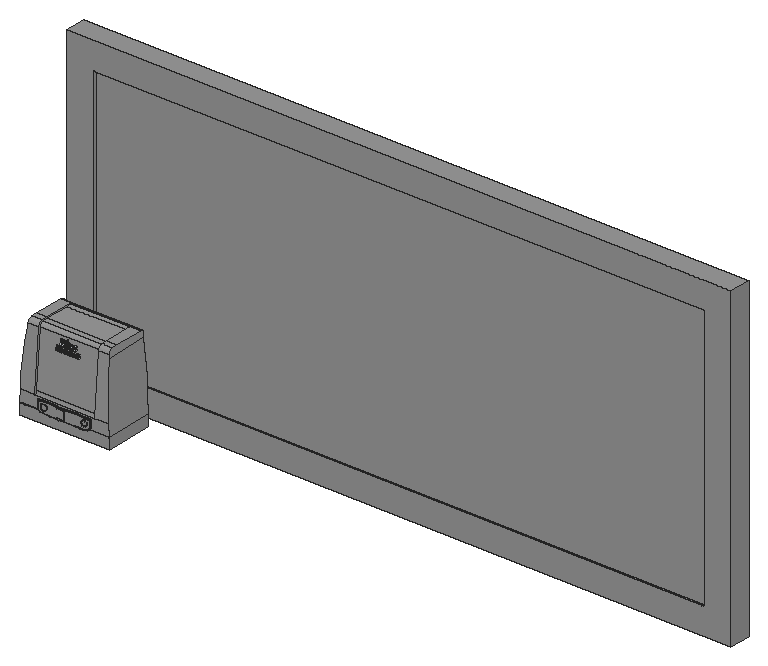
Revit family "Sliding_Gate_Automation_Residential_Ditec_Neos_plus_1000", category Electrical Fixtures, Revit 2014 (continued)
Definition of nested family "Ditec_Logo"
  Automatic sketch dimensions
    Extrusion 2 sketch curve to Extrusion 2 sketch curve = 0.459 mm
    Extrusion 2 sketch curve to Extrusion 2 sketch curve = 0.072 mm
    Extrusion 2 sketch curve to Extrusion 2 sketch curve = 0.666 mm
    Extrusion 2 sketch curve to Extrusion 2 sketch curve = 0.073 mm
    Extrusion 2 sketch curve to Extrusion 2 sketch curve = 0.519 mm
    Extrusion 2 sketch curve to Extrusion 2 sketch curve = 0.069 mm
    Extrusion 2 sketch curve to Extrusion 2 sketch curve = 0.015 mm
    Extrusion 2 sketch curve to Extrusion 2 sketch curve = 0.226 mm
    Extrusion 2 sketch curve to Extrusion 2 sketch curve = 0.973 mm
    Extrusion 2 sketch curve to Extrusion 2 sketch curve = 1.163 mm
    Extrusion 2 sketch curve to Extrusion 2 sketch curve = 0.777 mm
    Extrusion 2 sketch curve to Extrusion 2 sketch curve = 3.39 mm
    plane 1 "Center (Front/Back)" to Extrusion 2 sketch curve = 14.414 mm
    Extrusion 2 sketch curve to Extrusion 2 sketch curve = 1.485 mm
    Extrusion 2 sketch curve to Extrusion 2 sketch curve = 1.838 mm
    Extrusion 2 sketch curve to Extrusion 2 sketch curve = 1.7 mm
    Extrusion 2 sketch curve to Extrusion 2 sketch curve = 0.348 mm
    Extrusion 2 sketch curve to Extrusion 2 sketch curve = 0.881 mm
    Extrusion 2 sketch curve to Extrusion 2 sketch curve = 1.077 mm
    Extrusion 2 sketch curve to Extrusion 2 sketch curve = 1.118 mm
    Extrusion 2 sketch curve to Extrusion 2 sketch curve = 0.225 mm
    Extrusion 2 sketch curve to Extrusion 2 sketch curve = 1.188 mm  (x2)
    Extrusion 2 sketch curve to Extrusion 2 sketch curve = 1.674 mm
    Extrusion 2 sketch curve to Extrusion 2 sketch curve = 1.628 mm
    Extrusion 2 sketch curve to Extrusion 2 sketch curve = 0.675 mm
    Extrusion 2 sketch curve to Extrusion 2 sketch curve = 0.999 mm
    Extrusion 2 sketch curve to Extrusion 2 sketch curve = 1.012 mm
    Extrusion 2 sketch curve to Extrusion 2 sketch curve = 2.915 mm
    Extrusion 2 sketch curve to Extrusion 2 sketch curve = 3.536 mm
    Extrusion 2 sketch curve to Extrusion 2 sketch curve = 3.494 mm
    Extrusion 2 sketch curve to Extrusion 2 sketch curve = 0.318 mm
    Extrusion 2 sketch curve to Extrusion 2 sketch curve = 0.078 mm
    Extrusion 2 sketch curve to Extrusion 2 sketch curve = 0.057 mm
    Extrusion 2 sketch curve to Extrusion 2 sketch curve = 0.419 mm
    Extrusion 2 sketch curve to Extrusion 2 sketch curve = 9.233 mm
    Extrusion 2 sketch curve to Extrusion 2 sketch curve = 12.448 mm
    Extrusion 2 sketch curve to Extrusion 2 sketch curve = 12.408 mm
    Extrusion 2 sketch curve to Extrusion 2 sketch curve = 0.002 mm  (x2)
    Extrusion 2 sketch curve to Extrusion 2 sketch curve = 6.024 mm  (x2)
    Extrusion 2 sketch curve to Extrusion 2 sketch curve = 1.266 mm  (x2)
    Extrusion 2 sketch curve to Extrusion 2 sketch curve = 1.269 mm  (x4)
    Extrusion 2 sketch curve to Extrusion 2 sketch curve = 1.293 mm
    Extrusion 2 sketch curve to Extrusion 2 sketch curve = 1.41 mm  (x3)
    Extrusion 2 sketch curve to Extrusion 2 sketch curve = 0.846 mm
    Extrusion 2 sketch curve to Extrusion 2 sketch curve = 0.945 mm
    Extrusion 2 sketch curve to Extrusion 2 sketch curve = 2.734 mm
    Extrusion 2 sketch curve to Extrusion 2 sketch curve = 1.589 mm  (x2)
    Extrusion 2 sketch curve to Extrusion 2 sketch curve = 0.469 mm
    Extrusion 2 sketch curve to Extrusion 2 sketch curve = 0.468 mm
    Extrusion 2 sketch curve to Extrusion 2 sketch curve = 3.428 mm
    Extrusion 2 sketch curve to Extrusion 2 sketch curve = 2.108 mm
    Extrusion 2 sketch curve to Extrusion 2 sketch curve = 0.116 mm
    Extrusion 2 sketch curve to Extrusion 2 sketch curve = 0.199 mm  (x2)
    Extrusion 2 sketch curve to Extrusion 2 sketch curve = 0.224 mm
    Extrusion 2 sketch curve to Extrusion 2 sketch curve = 0.21 mm
    Extrusion 2 sketch curve to Extrusion 2 sketch curve = 0.211 mm
    Extrusion 2 sketch curve to Extrusion 2 sketch curve = 0.271 mm
    Extrusion 2 sketch curve to Extrusion 2 sketch curve = 1.285 mm
    Extrusion 2 sketch curve to Extrusion 2 sketch curve = 1.831 mm
    Extrusion 2 sketch curve to Extrusion 2 sketch curve = 3.599 mm
    Extrusion 2 sketch curve to Extrusion 2 sketch curve = 2.087 mm
    Extrusion 2 sketch curve to Extrusion 2 sketch curve = 1.412 mm  (x2)
    Extrusion 2 sketch curve to Extrusion 2 sketch curve = 1.237 mm
    Extrusion 2 sketch curve to Extrusion 2 sketch curve = 3.636 mm
    Extrusion 2 sketch curve to Extrusion 2 sketch curve = 1.264 mm
    Extrusion 2 sketch curve to Extrusion 2 sketch curve = 0.004 mm
    Extrusion 2 sketch curve to Extrusion 2 sketch curve = 3.662 mm
    Extrusion 2 sketch curve to Extrusion 2 sketch curve = 2.721 mm
    Extrusion 2 sketch curve to Extrusion 2 sketch curve = 1.411 mm
    Extrusion 2 sketch curve to Extrusion 2 sketch curve = 2.822 mm
    Extrusion 2 sketch curve to Extrusion 2 sketch curve = 3.024 mm
    Extrusion 2 sketch curve to Extrusion 2 sketch curve = 1.413 mm
    Extrusion 2 sketch curve to Extrusion 2 sketch curve = 1.295 mm
    Extrusion 2 sketch curve to Extrusion 2 sketch curve = 0.245 mm
    Extrusion 2 sketch curve to Extrusion 2 sketch curve = 0.787 mm
    Extrusion 2 sketch curve to Extrusion 2 sketch curve = 0.614 mm
    Extrusion 2 sketch curve to Extrusion 2 sketch curve = 2.57 mm
    Extrusion 2 sketch curve to Extrusion 2 sketch curve = 1.061 mm
    Extrusion 2 sketch curve to Extrusion 2 sketch curve = 0.92 mm
    Extrusion 2 sketch curve to Extrusion 2 sketch curve = 0.693 mm
    Extrusion 2 sketch curve to Extrusion 2 sketch curve = 0.987 mm
    Extrusion 2 sketch curve to Extrusion 2 sketch curve = 0.433 mm
    Extrusion 2 sketch curve to Extrusion 2 sketch curve = 2.537 mm
    Extrusion 2 sketch curve to Extrusion 2 sketch curve = 2.89 mm
    Extrusion 2 sketch curve to Extrusion 2 sketch curve = 2.375 mm  (x2)
    Extrusion 2 sketch curve to Extrusion 2 sketch curve = 1.12 mm
    plane 1 "Center (Front/Back)" to Extrusion 2 sketch curve = 3.239 mm
    plane 1 "Center (Front/Back)" to Extrusion 2 sketch curve = 2.212 mm
    plane 1 "Center (Front/Back)" to Extrusion 2 sketch curve = 2.165 mm
    plane 1 "Center (Front/Back)" to Extrusion 2 sketch curve = 1.701 mm
    Extrusion 2 sketch curve to Extrusion 2 sketch curve = 4.508 mm
    Extrusion 2 sketch curve to Extrusion 2 sketch curve = 4.535 mm
    Extrusion 2 sketch curve to plane 7 = 2.263 mm
    Extrusion 2 sketch curve to Extrusion 2 sketch curve = 1.134 mm
    Extrusion 2 sketch curve to Extrusion 2 sketch curve = 3.166 mm
    Extrusion 2 sketch curve to Extrusion 2 sketch curve = 3.703 mm
    Extrusion 2 sketch curve to Extrusion 2 sketch curve = 0.173 mm
    Extrusion 2 sketch curve to Extrusion 2 sketch curve = 0.147 mm
Definition of nested family "Family1"
  Reference planes
    plane 1 "Center (Front/Back)": y = 0
    plane 2: z = 0
    plane 3 "Center (Left/Right)": x = 0
  Lines and regions (mm)
    Masking region 1, in view "Ref. Level"
      outline origin (0, 0, 0) x (1, 0, 0) y (0, 1, 0)
        loop
          arc (16.825, 325.304) -> (4.21, 184.413) -> (0, 43.022) r 2376.471
          line (0, 43.022) -> (0, 0) -> (335, 0) -> (335, 43.022)
          arc (335, 43.022) -> (330.79, 184.413) -> (318.175, 325.304) r 2376.471
          line (318.175, 325.304) -> (275.444, 325.304)
          arc (275.444, 325.304) -> (273.232, 325.122) -> (271.152, 324.352) r 8.162
          line (271.152, 324.352) -> (267.71, 322.657)
          arc (267.71, 322.657) -> (167.492, 324.929) -> (67.275, 322.665) r 2214.613
          line (67.275, 322.665) -> (63.848, 324.352)
          arc (63.848, 324.352) -> (61.768, 325.122) -> (59.556, 325.304) r 8.162
          line (59.556, 325.304) -> (16.825, 325.304)
    detail lines, in view "Ref. Level", detail levels medium+fine
      curve 1: arc (275.444, 325.304, 0) -> (277.11, 324.808, 0) -> (278.372, 323.613, 0) r 3.74
      curve 2: arc (278.372, 323.613, 0) -> (278.896, 322.532, 0) -> (279.133, 321.355, 0) r 4.759
      curve 3: arc (279.133, 321.355, 0) -> (279.791, 304.646, 0) -> (279.359, 287.93, 0) r 256.422
      curve 4: line (279.359, 287.93, 0) -> (276.043, 192.988, 0)
      curve 5: line (276.043, 192.988, 0) -> (272.5, 125.369, 0)
      curve 6: arc (272.5, 125.369, 0) -> (271.223, 114.072, 0) -> (268.6, 103.009, 0) r 94.55
      curve 7: arc (268.6, 103.009, 0) -> (266.41, 97.959, 0) -> (263.117, 93.548, 0) r 23.764
      curve 8: arc (263.117, 93.548, 0) -> (261.646, 92.321, 0) -> (259.928, 91.475, 0) r 8.091
      curve 9: arc (259.928, 91.475, 0) -> (258.344, 90.989, 0) -> (256.724, 90.634, 0) r 20.154
      curve 10: arc (256.724, 90.634, 0) -> (168.657, 87.825, 0) -> (80.582, 90.364, 0) r 1451.903
      curve 11: arc (80.582, 90.364, 0) -> (77.788, 90.726, 0) -> (75.072, 91.475, 0) r 20.154
      curve 12: arc (75.072, 91.475, 0) -> (73.354, 92.321, 0) -> (71.883, 93.548, 0) r 8.091
      curve 13: arc (71.883, 93.548, 0) -> (68.59, 97.959, 0) -> (66.4, 103.009, 0) r 23.764
      curve 14: arc (66.4, 103.009, 0) -> (63.777, 114.072, 0) -> (62.5, 125.369, 0) r 94.55
      curve 15: line (62.5, 125.369, 0) -> (58.957, 192.988, 0)
      curve 16: line (58.957, 192.988, 0) -> (55.641, 287.93, 0)
      curve 17: arc (55.641, 287.93, 0) -> (55.209, 304.646, 0) -> (55.867, 321.355, 0) r 256.422
      curve 18: arc (55.867, 321.355, 0) -> (56.104, 322.532, 0) -> (56.628, 323.613, 0) r 4.759
      curve 19: arc (56.628, 323.613, 0) -> (57.89, 324.809, 0) -> (59.557, 325.304, 0) r 3.74
      curve 20: arc (64.126, 318.636, 0) -> (65.512, 219.384, 0) -> (72.046, 120.337, 0) r 1912.411
      curve 21: arc (72.046, 120.337, 0) -> (73.271, 115.09, 0) -> (75.874, 110.373, 0) r 19.657
      curve 22: arc (75.874, 110.373, 0) -> (79.2, 107.366, 0) -> (83.416, 105.84, 0) r 11.631
      curve 23: line (83.416, 105.84, 0) -> (130.393, 102.555, 0)
      curve 24: arc (130.393, 102.555, 0) -> (167.5, 101.26, 0) -> (204.607, 102.555, 0) r 531.945
      curve 25: line (204.607, 102.555, 0) -> (251.584, 105.84, 0)
      curve 26: arc (251.584, 105.84, 0) -> (255.8, 107.366, 0) -> (259.126, 110.373, 0) r 11.631
      curve 27: arc (259.126, 110.373, 0) -> (261.729, 115.09, 0) -> (262.954, 120.337, 0) r 19.657
      curve 28: arc (262.954, 120.337, 0) -> (269.488, 219.384, 0) -> (270.874, 318.636, 0) r 1912.411
      curve 29: arc (270.874, 318.636, 0) -> (270.757, 319.722, 0) -> (270.436, 320.767, 0) r 5.724
      curve 30: arc (270.436, 320.767, 0) -> (269.262, 322.173, 0) -> (267.498, 322.667, 0) r 3.087
      curve 31: arc (67.275, 322.665, 0) -> (65.644, 322.109, 0) -> (64.564, 320.767, 0) r 3.087
      curve 32: arc (64.564, 320.767, 0) -> (64.243, 319.722, 0) -> (64.126, 318.636, 0) r 5.724
      curve 33: arc (73.307, 32.509, 0) -> (167.5, 28.173, 0) -> (261.693, 32.509, 0) r 1025.294
      curve 34: line (261.693, 32.509, 0) -> (268.984, 33.664, 0)
      curve 35: arc (268.984, 33.664, 0) -> (272.223, 35.631, 0) -> (273.152, 39.306, 0) r 5
      curve 36: line (273.152, 39.306, 0) -> (268.614, 71.244, 0)
      curve 37: arc (268.614, 71.244, 0) -> (265.772, 76.355, 0) -> (260.24, 78.252, 0) r 8.162
      curve 38: line (260.24, 78.252, 0) -> (253.101, 77.996, 0)
      curve 39: arc (253.101, 77.996, 0) -> (167.5, 76.456, 0) -> (81.899, 77.996, 0) r 2380.88
      curve 40: line (81.899, 77.996, 0) -> (74.76, 78.252, 0)
      curve 41: arc (74.76, 78.252, 0) -> (69.228, 76.355, 0) -> (66.386, 71.244, 0) r 8.162
      curve 42: line (66.386, 71.244, 0) -> (61.848, 39.306, 0)
      curve 43: arc (61.848, 39.306, 0) -> (62.777, 35.631, 0) -> (66.016, 33.664, 0) r 5
      curve 44: line (66.016, 33.664, 0) -> (73.307, 32.509, 0)
      curve 52: arc (276.547, 41.929, 0) -> (275.234, 42.421, 0) -> (274.567, 43.653, 0) r 2
      curve 53: arc (270.612, 71.642, 0) -> (267.143, 77.9, 0) -> (260.38, 80.238, 0) r 10
      curve 54: line (260.38, 80.238, 0) -> (242.912, 79.661, 0)
      curve 55: arc (242.912, 79.661, 0) -> (167.5, 78.417, 0) -> (92.088, 79.661, 0) r 2286.117
      curve 56: line (92.088, 79.661, 0) -> (74.62, 80.238, 0)
      curve 57: arc (74.62, 80.238, 0) -> (67.848, 77.892, 0) -> (64.385, 71.617, 0) r 10
      curve 58: arc (60.433, 43.65, 0) -> (59.764, 42.42, 0) -> (58.453, 41.929, 0) r 2
      curve 295: line (58.453, 41.929, 0) -> (0, 41.929, 0)
      curve 297: line (276.547, 41.929, 0) -> (335, 41.929, 0)
      curve 299: line (274.567, 43.653, 0) -> (270.612, 71.642, 0)
      curve 301: line (64.385, 71.617, 0) -> (60.433, 43.65, 0)
    detail lines, in view "Ref. Level", detail levels fine
      curve 45: arc (59.56, 40.941, 0) -> (60.722, 41.496, 0) -> (61.304, 42.645, 0) r 2
      curve 46: arc (65.376, 71.336, 0) -> (68.572, 77.091, 0) -> (74.795, 79.238, 0) r 9.2
      curve 47: line (74.795, 79.238, 0) -> (89.815, 78.732, 0)
      curve 48: arc (89.815, 78.732, 0) -> (167.5, 77.506, 0) -> (245.185, 78.732, 0) r 2462.367
      curve 49: line (245.185, 78.732, 0) -> (260.205, 79.238, 0)
      curve 50: arc (260.205, 79.238, 0) -> (266.428, 77.091, 0) -> (269.624, 71.336, 0) r 9.2
      curve 51: arc (273.687, 42.717, 0) -> (274.252, 41.521, 0) -> (275.44, 40.941, 0) r 2
      curve 59: arc (143.663, 35.342, 0) -> (193.243, 35.394, 0) -> (242.748, 38.125, 0) r 917.02
      curve 60: line (242.748, 38.125, 0) -> (256.32, 39.791, 0)
      curve 61: arc (256.32, 39.791, 0) -> (262.415, 42.897, 0) -> (265.087, 49.193, 0) r 10
      curve 62: line (265.087, 49.193, 0) -> (266.13, 69.084, 0)
      curve 63: arc (266.13, 69.084, 0) -> (263.97, 74.785, 0) -> (258.308, 77.044, 0) r 7.568
      curve 64: line (258.308, 77.044, 0) -> (253.269, 76.868, 0)
      curve 65: arc (253.269, 76.868, 0) -> (198.394, 75.565, 0) -> (143.504, 75.488, 0) r 2457.595
      curve 66: arc (143.504, 75.488, 0) -> (142.663, 75.147, 0) -> (142.314, 74.309, 0) r 1.179
      curve 67: line (142.314, 74.309, 0) -> (142.314, 73.081, 0)
      curve 68: arc (142.314, 73.081, 0) -> (142.662, 72.241, 0) -> (143.502, 71.893, 0) r 1.188
      curve 69: line (143.502, 71.893, 0) -> (167.557, 71.893, 0)
      curve 70: arc (167.557, 71.893, 0) -> (168.437, 71.529, 0) -> (168.802, 70.649, 0) r 1.244
      curve 71: line (168.802, 70.649, 0) -> (168.802, 40.949, 0)
      curve 72: arc (168.802, 40.949, 0) -> (168.459, 40.121, 0) -> (167.63, 39.778, 0) r 1.172
      curve 73: line (167.63, 39.778, 0) -> (143.676, 39.778, 0)
      curve 74: arc (143.676, 39.778, 0) -> (142.845, 39.433, 0) -> (142.5, 38.601, 0) r 1.176
      curve 75: line (142.5, 38.601, 0) -> (142.5, 36.536, 0)
      curve 76: arc (142.5, 36.536, 0) -> (142.839, 35.703, 0) -> (143.663, 35.342, 0) r 1.194
      curve 77: arc (92.252, 38.125, 0) -> (116.018, 36.479, 0) -> (139.818, 35.45, 0) r 917.02
      curve 78: arc (139.818, 35.45, 0) -> (140.714, 35.798, 0) -> (141.088, 36.683, 0) r 1.233
      curve 79: line (141.088, 36.683, 0) -> (141.088, 39.505, 0)
      curve 80: arc (141.088, 39.505, 0) -> (141.438, 40.35, 0) -> (142.283, 40.7, 0) r 1.195
      curve 81: line (142.283, 40.7, 0) -> (165.439, 40.7, 0)
      curve 82: arc (165.439, 40.7, 0) -> (166.317, 41.064, 0) -> (166.681, 41.941, 0) r 1.242
      curve 83: line (166.681, 41.941, 0) -> (166.681, 69.508, 0)
      curve 84: arc (166.681, 69.508, 0) -> (166.331, 70.351, 0) -> (165.488, 70.7, 0) r 1.192
      curve 85: line (165.488, 70.7, 0) -> (142.328, 70.7, 0)
      curve 86: arc (142.328, 70.7, 0) -> (141.449, 71.064, 0) -> (141.084, 71.944, 0) r 1.244
      curve 87: line (141.084, 71.944, 0) -> (141.084, 74.365, 0)
      curve 88: arc (141.084, 74.365, 0) -> (140.749, 75.181, 0) -> (139.937, 75.525, 0) r 1.16
      curve 89: arc (139.937, 75.525, 0) -> (110.83, 76.024, 0) -> (81.731, 76.868, 0) r 2457.595
      curve 90: line (81.731, 76.868, 0) -> (76.692, 77.044, 0)
      curve 91: arc (76.692, 77.044, 0) -> (71.03, 74.785, 0) -> (68.87, 69.084, 0) r 7.568
      curve 92: line (68.87, 69.084, 0) -> (69.913, 49.193, 0)
      curve 93: arc (69.913, 49.193, 0) -> (72.585, 42.897, 0) -> (78.68, 39.791, 0) r 10
      curve 94: line (78.68, 39.791, 0) -> (92.252, 38.125, 0)
      curve 95: circle (91.025, 58.277, 0) r 13 normal (0, 0, 1)
      curve 96: circle (91.025, 58.277, 0) r 6.605 normal (0, 0, 1)
      curve 97: circle (91.025, 58.277, 0) r 9.745 normal (0, 0, 1)
      curve 98: circle (91.025, 58.277, 0) r 11 normal (0, 0, 1)
      curve 99: circle (237.514, 50.172, 0) r 2 normal (0, 0, 1)
      curve 100: circle (233.816, 56.221, 0) r 2 normal (0, 0, 1)
      curve 101: circle (234.87, 63.232, 0) r 2 normal (0, 0, 1)
      curve 102: circle (240.185, 67.925, 0) r 2 normal (0, 0, 1)
      curve 103: circle (247.273, 68.103, 0) r 2 normal (0, 0, 1)
      curve 104: circle (252.818, 63.684, 0) r 2 normal (0, 0, 1)
      curve 105: circle (254.224, 56.735, 0) r 2 normal (0, 0, 1)
      curve 106: circle (250.835, 50.507, 0) r 2 normal (0, 0, 1)
      curve 107: circle (244.236, 47.915, 0) r 2 normal (0, 0, 1)
      curve 108: line (137.868, 293.459, 0) -> (137.868, 288.826, 0)
      curve 109: line (137.868, 288.826, 0) -> (137.868, 276.102, 0)
      curve 110: line (137.868, 276.102, 0) -> (144.569, 276.102, 0)
      curve 111: arc (144.569, 276.102, 0) -> (154.098, 285.631, 0) -> (144.569, 295.16, 0) r 9.529
      curve 112: line (144.569, 295.16, 0) -> (139.533, 295.16, 0)
      curve 113: arc (139.533, 295.16, 0) -> (138.322, 294.68, 0) -> (137.868, 293.459, 0) r 1.6
      curve 114: line (141.735, 291.92, 0) -> (141.735, 279.639, 0)
      curve 115: line (141.735, 279.639, 0) -> (144.083, 279.639, 0)
      curve 116: line (144.083, 279.639, 0) -> (146.523, 279.864, 0)
      curve 117: line (146.523, 279.864, 0) -> (148.348, 280.745, 0)
      curve 118: arc (148.348, 280.745, 0) -> (149.703, 283.024, 0) -> (149.995, 285.658, 0) r 6.272
      curve 119: arc (149.995, 285.658, 0) -> (149.708, 287.977, 0) -> (148.7, 290.084, 0) r 7.263
      curve 120: arc (148.7, 290.084, 0) -> (146.655, 291.554, 0) -> (144.164, 291.92, 0) r 5.325
      curve 121: line (144.164, 291.92, 0) -> (141.735, 291.92, 0)
      curve 122: line (156.153, 290.719, 0) -> (163.111, 295.758, 0)
      curve 123: line (163.111, 295.758, 0) -> (161.969, 300.266, 0)
      curve 124: line (161.969, 300.266, 0) -> (156.153, 292.947, 0)
      curve 125: line (156.153, 292.947, 0) -> (156.153, 290.719, 0)
      curve 126: line (159.632, 276.103, 0) -> (159.632, 289.599, 0)
      curve 127: line (159.632, 289.599, 0) -> (156.123, 289.599, 0)
      curve 128: line (156.123, 289.599, 0) -> (156.123, 276.103, 0)
      curve 129: line (156.123, 276.103, 0) -> (159.632, 276.103, 0)
      curve 130: line (166.032, 282.392, 0) -> (166.032, 287.224, 0)
      curve 131: line (166.032, 287.224, 0) -> (168.921, 287.224, 0)
      curve 132: line (168.921, 287.224, 0) -> (168.921, 289.599, 0)
      curve 133: line (168.921, 289.599, 0) -> (166.032, 289.599, 0)
      curve 134: line (166.032, 289.599, 0) -> (166.032, 292.994, 0)
      curve 135: line (166.032, 292.994, 0) -> (162.844, 292.994, 0)
      curve 136: line (162.844, 292.994, 0) -> (162.844, 289.599, 0)
      curve 137: line (162.844, 289.599, 0) -> (160.981, 289.599, 0)
      curve 138: line (160.981, 289.599, 0) -> (160.981, 287.224, 0)
      curve 139: line (160.981, 287.224, 0) -> (162.844, 287.224, 0)
      curve 140: line (162.844, 287.224, 0) -> (162.844, 279.017, 0)
      curve 141: arc (162.844, 279.017, 0) -> (163.073, 277.44, 0) -> (164.193, 276.307, 0) r 2.552
      curve 142: line (164.193, 276.307, 0) -> (165.276, 275.989, 0)
      curve 143: line (165.276, 275.989, 0) -> (166.572, 275.778, 0)
      curve 144: line (166.572, 275.778, 0) -> (168.005, 275.836, 0)
      curve 145: line (168.005, 275.836, 0) -> (168.921, 275.914, 0)
      curve 146: line (168.921, 275.914, 0) -> (168.921, 279.408, 0)
      curve 147: arc (168.921, 279.408, 0) -> (167.292, 278.976, 0) -> (166.141, 280.205, 0) r 1.642
      curve 148: line (166.141, 280.205, 0) -> (166.032, 282.392, 0)
      curve 149: arc (181.634, 287.736, 0) -> (179.418, 289.456, 0) -> (176.667, 290.004, 0) r 6.108
      curve 150: arc (176.667, 290.004, 0) -> (171.762, 287.967, 0) -> (169.919, 282.985, 0) r 6.639
      curve 151: arc (169.919, 282.985, 0) -> (171.911, 277.813, 0) -> (177.046, 275.724, 0) r 6.977
      curve 152: line (177.046, 275.724, 0) -> (179.648, 276.143, 0)
      curve 153: line (179.648, 276.143, 0) -> (181.608, 277.155, 0)
      curve 154: line (181.608, 277.155, 0) -> (182.673, 278.154, 0)
      curve 155: line (182.673, 278.154, 0) -> (183.2, 278.829, 0)
      curve 156: line (183.2, 278.829, 0) -> (180.311, 280.502, 0)
      curve 157: arc (180.311, 280.502, 0) -> (178.97, 279.326, 0) -> (177.235, 278.909, 0) r 3.717
      curve 158: arc (177.235, 278.909, 0) -> (175.355, 279.348, 0) -> (173.995, 280.718, 0) r 3.495
      curve 159: line (173.995, 280.718, 0) -> (173.618, 282.203, 0)
      curve 160: line (173.618, 282.203, 0) -> (183.389, 282.203, 0)
      curve 161: line (183.389, 282.203, 0) -> (182.974, 285.166, 0)
      curve 162: line (182.974, 285.166, 0) -> (181.634, 287.736, 0)
      curve 163: line (173.618, 284.686, 0) -> (179.313, 284.686, 0)
      curve 164: line (179.313, 284.686, 0) -> (179.051, 285.748, 0)
      curve 165: line (179.051, 285.748, 0) -> (178.558, 286.44, 0)
      curve 166: arc (178.558, 286.44, 0) -> (177.647, 287.014, 0) -> (176.587, 287.197, 0) r 2.764
      curve 167: line (176.587, 287.197, 0) -> (175.493, 287.009, 0)
      curve 168: line (175.493, 287.009, 0) -> (174.724, 286.576, 0)
      curve 169: arc (174.724, 286.576, 0) -> (173.996, 285.734, 0) -> (173.618, 284.686, 0) r 3.059
      curve 170: arc (197.642, 285.847, 0) -> (195.254, 288.897, 0) -> (191.541, 290.004, 0) r 6.381
      curve 171: arc (191.541, 290.004, 0) -> (186.487, 287.924, 0) -> (184.523, 282.824, 0) r 6.912
      curve 172: arc (184.523, 282.824, 0) -> (186.421, 277.77, 0) -> (191.406, 275.698, 0) r 6.792
      curve 173: arc (191.406, 275.698, 0) -> (195.126, 276.795, 0) -> (197.642, 279.747, 0) r 6.806
      curve 174: line (197.642, 279.747, 0) -> (195.744, 280.865, 0)
      curve 175: arc (195.744, 280.865, 0) -> (194.77, 280.991, 0) -> (194.006, 280.375, 0) r 1.25
      curve 176: arc (194.006, 280.375, 0) -> (192.97, 279.382, 0) -> (191.568, 279.072, 0) r 2.659
      curve 177: arc (191.568, 279.072, 0) -> (189.037, 280.22, 0) -> (188.14, 282.851, 0) r 3.502
      curve 178: arc (188.14, 282.851, 0) -> (188.994, 285.5, 0) -> (191.487, 286.737, 0) r 3.58
      curve 179: arc (191.487, 286.737, 0) -> (193.369, 285.983, 0) -> (194.429, 284.254, 0) r 3.225
      curve 180: line (194.429, 284.254, 0) -> (197.642, 285.847, 0)
      curve 181: line (210.793, 269.714, 0) -> (124.306, 269.714, 0)
      curve 182: line (124.306, 269.714, 0) -> (124.306, 270.514, 0)
      curve 183: line (124.306, 270.514, 0) -> (210.793, 270.514, 0)
      curve 184: line (210.793, 270.514, 0) -> (210.793, 269.714, 0)
      curve 185: arc (126.608, 259.421, 0) -> (127.543, 258.231, 0) -> (128.999, 257.815, 0) r 2.456
      curve 186: line (128.999, 257.815, 0) -> (132.241, 257.815, 0)
      curve 187: line (132.241, 257.815, 0) -> (132.241, 256.402, 0)
      curve 188: line (132.241, 256.402, 0) -> (127.948, 256.402, 0)
      curve 189: arc (127.948, 256.402, 0) -> (124.304, 260.046, 0) -> (127.948, 263.69, 0) r 3.644
      curve 190: line (127.948, 263.69, 0) -> (132.241, 263.69, 0)
      curve 191: line (132.241, 263.69, 0) -> (132.241, 262.28, 0)
      curve 192: line (132.241, 262.28, 0) -> (128.999, 262.28, 0)
      curve 193: arc (128.999, 262.28, 0) -> (127.553, 261.865, 0) -> (126.613, 260.691, 0) r 2.479
      curve 194: line (126.613, 260.691, 0) -> (131.14, 260.691, 0)
      curve 195: line (131.14, 260.691, 0) -> (131.14, 259.421, 0)
      curve 196: line (131.14, 259.421, 0) -> (126.608, 259.421, 0)
      curve 197: line (141.722, 256.404, 0) -> (141.722, 263.69, 0)
      curve 198: line (141.722, 263.69, 0) -> (139.447, 263.69, 0)
      curve 199: line (139.447, 263.69, 0) -> (139.447, 259.125, 0)
      curve 200: line (139.447, 259.125, 0) -> (135.4, 263.69, 0)
      curve 201: line (135.4, 263.69, 0) -> (133.444, 263.69, 0)
      curve 202: line (133.444, 263.69, 0) -> (133.444, 256.406, 0)
      curve 203: line (133.444, 256.406, 0) -> (135.716, 256.406, 0)
      curve 204: line (135.716, 256.406, 0) -> (135.716, 260.956, 0)
      curve 205: line (135.716, 260.956, 0) -> (139.752, 256.404, 0)
      curve 206: line (139.752, 256.404, 0) -> (141.722, 256.404, 0)
      curve 207: line (148.007, 256.404, 0) -> (148.007, 262.426, 0)
      curve 208: line (148.007, 262.426, 0) -> (150.755, 262.426, 0)
      curve 209: line (150.755, 262.426, 0) -> (150.755, 263.695, 0)
      curve 210: line (150.755, 263.695, 0) -> (142.914, 263.695, 0)
      curve 211: line (142.914, 263.695, 0) -> (142.914, 262.426, 0)
      curve 212: line (142.914, 262.426, 0) -> (145.675, 262.426, 0)
      curve 213: line (145.675, 262.426, 0) -> (145.675, 256.404, 0)
      curve 214: line (145.675, 256.404, 0) -> (148.007, 256.404, 0)
      curve 215: line (154.269, 262.402, 0) -> (156.813, 262.402, 0)
      curve 216: arc (156.813, 262.402, 0) -> (157.758, 261.457, 0) -> (156.813, 260.512, 0) r 0.945
      curve 217: line (156.813, 260.512, 0) -> (154.269, 260.512, 0)
      curve 218: line (154.269, 260.512, 0) -> (154.269, 262.402, 0)
      curve 219: line (157.728, 256.404, 0) -> (160.229, 256.404, 0)
      curve 220: line (160.229, 256.404, 0) -> (158.4, 259.428, 0)
      curve 221: arc (158.4, 259.428, 0) -> (160.237, 261.594, 0) -> (158.326, 263.695, 0) r 2.152
      curve 222: line (158.326, 263.695, 0) -> (151.958, 263.695, 0)
      curve 223: line (151.958, 263.695, 0) -> (151.958, 256.404, 0)
      curve 224: line (151.958, 256.404, 0) -> (154.269, 256.404, 0)
      curve 225: line (154.269, 256.404, 0) -> (154.269, 259.226, 0)
      curve 226: line (154.269, 259.226, 0) -> (156.132, 259.226, 0)
      curve 227: line (156.132, 259.226, 0) -> (157.728, 256.404, 0)
      curve 228: arc (163.552, 259.422, 0) -> (164.476, 258.239, 0) -> (165.915, 257.815, 0) r 2.457
      curve 229: line (165.915, 257.815, 0) -> (167.03, 257.815, 0)
      curve 230: line (167.03, 257.815, 0) -> (166.183, 256.402, 0)
      curve 231: line (166.183, 256.402, 0) -> (164.892, 256.402, 0)
      curve 232: arc (164.892, 256.402, 0) -> (162.286, 257.439, 0) -> (161.25, 260.045, 0) r 3.544
      curve 233: arc (161.25, 260.045, 0) -> (162.282, 262.655, 0) -> (164.892, 263.69, 0) r 3.536
      curve 234: line (164.892, 263.69, 0) -> (169.184, 263.69, 0)
      curve 235: line (169.184, 263.69, 0) -> (169.184, 262.28, 0)
      curve 236: line (169.184, 262.28, 0) -> (165.942, 262.28, 0)
      curve 237: arc (165.942, 262.28, 0) -> (164.496, 261.865, 0) -> (163.557, 260.691, 0) r 2.478
      curve 238: line (163.557, 260.691, 0) -> (168.083, 260.691, 0)
      curve 239: line (168.083, 260.691, 0) -> (168.083, 259.422, 0)
      curve 240: line (168.083, 259.422, 0) -> (163.552, 259.422, 0)
      curve 241: line (168.435, 256.402, 0) -> (172.796, 263.675, 0)
      curve 242: line (172.796, 263.675, 0) -> (171.996, 263.675, 0)
      curve 243: line (171.996, 263.675, 0) -> (167.635, 256.402, 0)
      curve 244: line (167.635, 256.402, 0) -> (168.435, 256.402, 0)
      curve 245: line (170.451, 256.404, 0) -> (174.812, 263.675, 0)
      curve 246: line (174.812, 263.675, 0) -> (173.515, 263.675, 0)
      curve 247: line (173.515, 263.675, 0) -> (169.155, 256.404, 0)
      curve 248: line (169.155, 256.404, 0) -> (170.451, 256.404, 0)
      curve 249: line (173.334, 256.404, 0) -> (175.529, 260.066, 0)
      curve 250: line (175.529, 260.066, 0) -> (175.529, 256.404, 0)
      curve 251: line (175.529, 256.404, 0) -> (176.658, 256.404, 0)
      curve 252: line (176.658, 256.404, 0) -> (178.857, 260.066, 0)
      curve 253: line (178.857, 260.066, 0) -> (178.857, 256.404, 0)
      curve 254: line (178.857, 256.404, 0) -> (180.934, 256.404, 0)
      curve 255: line (180.934, 256.404, 0) -> (180.934, 263.693, 0)
      curve 256: line (180.934, 263.693, 0) -> (179.294, 263.693, 0)
      curve 257: line (179.294, 263.693, 0) -> (177.236, 260.265, 0)
      curve 258: line (177.236, 260.265, 0) -> (177.236, 263.693, 0)
      curve 259: line (177.236, 263.693, 0) -> (175.598, 263.693, 0)
      curve 260: line (175.598, 263.693, 0) -> (171.227, 256.404, 0)
      curve 261: line (171.227, 256.404, 0) -> (173.334, 256.404, 0)
      curve 262: line (184.932, 263.695, 0) -> (181.739, 256.375, 0)
      curve 263: line (181.739, 256.375, 0) -> (184.242, 256.375, 0)
      curve 264: line (184.242, 256.375, 0) -> (184.688, 257.67, 0)
      curve 265: line (184.688, 257.67, 0) -> (188.018, 257.67, 0)
      curve 266: line (188.018, 257.67, 0) -> (188.457, 256.406, 0)
      curve 267: line (188.457, 256.406, 0) -> (190.91, 256.406, 0)
      curve 268: line (190.91, 256.406, 0) -> (187.738, 263.695, 0)
      curve 269: line (187.738, 263.695, 0) -> (184.932, 263.695, 0)
      curve 270: line (185.109, 258.907, 0) -> (186.338, 262.506, 0)
      curve 271: line (186.338, 262.506, 0) -> (187.588, 258.907, 0)
      curve 272: line (187.588, 258.907, 0) -> (185.109, 258.907, 0)
      curve 273: line (190.337, 262.429, 0) -> (192.825, 262.429, 0)
      curve 274: line (192.825, 262.429, 0) -> (192.825, 256.404, 0)
      curve 275: line (192.825, 256.404, 0) -> (195.162, 256.404, 0)
      curve 276: line (195.162, 256.404, 0) -> (195.162, 262.429, 0)
      curve 277: line (195.162, 262.429, 0) -> (197.643, 262.429, 0)
      curve 278: line (197.643, 262.429, 0) -> (197.643, 263.695, 0)
      curve 279: line (197.643, 263.695, 0) -> (190.337, 263.695, 0)
      curve 280: line (190.337, 263.695, 0) -> (190.337, 262.429, 0)
      curve 281: line (199.111, 263.695, 0) -> (199.111, 256.412, 0)
      curve 282: line (199.111, 256.412, 0) -> (201.425, 256.412, 0)
      curve 283: line (201.425, 256.412, 0) -> (201.425, 263.695, 0)
      curve 284: line (201.425, 263.695, 0) -> (199.111, 263.695, 0)
      curve 285: arc (206.501, 263.69, 0) -> (203.892, 262.655, 0) -> (202.859, 260.045, 0) r 3.536
      curve 286: arc (202.859, 260.045, 0) -> (203.895, 257.439, 0) -> (206.501, 256.402, 0) r 3.544
      curve 287: line (206.501, 256.402, 0) -> (210.793, 256.402, 0)
      curve 288: line (210.793, 256.402, 0) -> (210.793, 257.814, 0)
      curve 289: line (210.793, 257.814, 0) -> (207.521, 257.814, 0)
      curve 290: arc (207.521, 257.814, 0) -> (205.83, 258.425, 0) -> (205.06, 260.048, 0) r 2.36
      curve 291: arc (205.06, 260.048, 0) -> (205.848, 261.675, 0) -> (207.551, 262.28, 0) r 2.382
      curve 292: line (207.551, 262.28, 0) -> (210.793, 262.28, 0)
      curve 293: line (210.793, 262.28, 0) -> (210.793, 263.69, 0)
      curve 294: line (210.793, 263.69, 0) -> (206.501, 263.69, 0)
      curve 296: line (59.56, 40.941, 0) -> (0, 40.941, 0)
      curve 298: line (275.44, 40.941, 0) -> (335, 40.941, 0)
      curve 300: line (273.687, 42.717, 0) -> (269.624, 71.336, 0)
      curve 302: line (65.376, 71.336, 0) -> (61.304, 42.645, 0)
